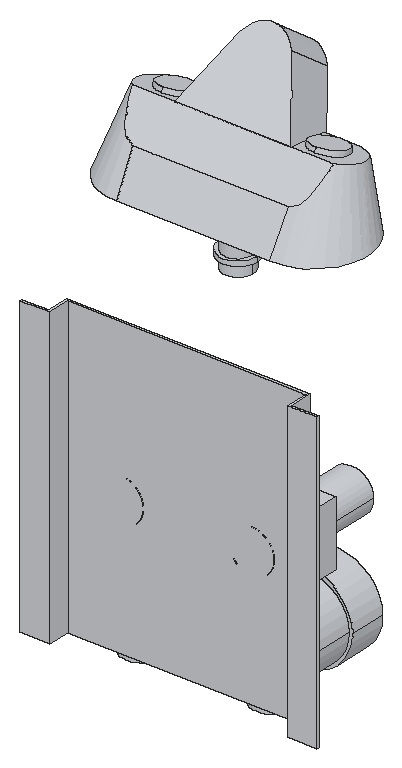
Revit family "WH3378-HC-PPZ", category Plumbing Fixtures, host Face, Revit 2016
Family settings
  Host = Face
  Part Type = Normal
  Round Connector Dimension = Use Diameter
  OmniClass Number = 23.45.55.17
  OmniClass Title = Mixing Faucets
  Cut with Voids When Loaded = No
  Shared = Yes
  Room Calculation Point = No
Parameters (values of type "WH3378-HC-PPZ")
  Waste Connection = no
  WH3378-HC-PPZ - Ligature Resistant Dual Temperature, Piezo Button Faucet with 4" Centerset = yes
  Voltage = 0
  Vent Connection = no
  URL = "http://www.whitehallmfg.com"
  Type Comments = ""
  Tempered Water Connection = no
  Revised Date = "10/01/19"
  Phone # = "(800) 782-7706"
  Model = "WH3378-HC-PPZ"
  Material = Type 304 Stainless Steel
  Manufacturer = "Whitehall"
  HW Connection = yes
  Designed By = "ACORN DESIGN BIM TEAM"
  Description = "Ligature Resistant Dual Temperature, Piezo Button Faucet with 4\" Centerset"
  Default Elevation = 0"
  CW Connection = yes
  Assembly Code = ""
  Amperage = 0
Reference planes (in)
  plane 1 "Center (Front/Back)": y = 0
  plane 2: z = 0
  plane 3 "Center (Left/Right)": x = 0
  plane 4: z = 12.5
  plane 5: x = -4.5
  plane 6: x = 4.5
  plane 7: y = 2
  plane 8: y = -2
  plane 9: y = 1.5
  plane 10: y = -1.5
  plane 11 "TAPERED FACE": through (0, 0.15373, 2.27361) normal (0, -0.809, 0.5878)
  plane 12 "FAUCET BASE": z = 0.87846
  plane 13 "LOFT TOP": through (0, 2.43551, 3.03274) normal (0, -0.7986, 0.6018)
  plane 14 "PB FACE": through (0, 0.28842, 1.95752) normal (0, -0.2419, -0.9703)
  plane 15 "ADJUST WALL MOUNTED": y = -2.5
Forms (in)
  Revolve 1, solid
    sketch origin (0, 0, 0) x (1, 0, 0) y (0, 0, 1)
      loop
        line (0, 0) -> (0, -1.58016) -> (0.42297, -1.58016) -> (0.42297, -1.2444) -> (0.53745, -1.2444) -> (0.53745, -1.1144) -> (0.42297, -1.1144) -> (0.42297, 0) -> (0, 0)
      axis (0, -1.58016) -> (0, 0)
    angle from 0 to 360
  Blend 2, solid
    base sketch origin (-0.04872, -4.62321, 0.87846) x (-1, 0, 0) y (0, -1, 0)
      loop
        arc (2.0998, -6.08108) -> (3.5998, -4.58108) -> (2.0998, -3.08108) r 1.5
        line (2.0998, -3.08108) -> (-2.17568, -3.08108)
        arc (-2.17568, -3.08108) -> (-3.67568, -4.58108) -> (-2.17568, -6.08108) r 1.5
        line (-2.17568, -6.08108) -> (2.0998, -6.08108)
    top sketch origin (-0.04872, -4.62321, 0.87846) x (-1, 0, 0) y (0, -1, 0)
      loop
        arc (2.15834, -5.85391) -> (2.97973, -5.03252) -> (2.15834, -4.21113) r 0.82139
        line (2.15834, -4.21113) -> (-2.27004, -4.21113)
        arc (-2.27004, -4.21113) -> (-3.09142, -5.03252) -> (-2.27004, -5.85391) r 0.82139
        line (-2.27004, -5.85391) -> (2.15834, -5.85391)
    from -0.87846 to 1.21634
  Extrusion 3, void
    sketch origin (0, 0, 0) x (0, 1, 0) y (0, 0, 1)
      loop
        line (1.38017, 1.68532) -> (1.38017, 2.3172) -> (-0.99337, 2.3172) -> (-0.99337, 1.04515) -> (-0.18778, 2.07626) -> (1.38017, 1.68532)
    from -3.36093 to 3.17824
  Extrusion 4, solid
    sketch origin (0, 0.09578, -0.07218) x (0, 0.601815, 0.798636) y (-1, 0, 0)
      loop
        line (1.5435, 1.60814) -> (1.5435, -1.61235) -> (3.48942, -0.6987)
        arc (3.48942, -0.6987) -> (3.93389, 0.00102) -> (3.48942, 0.70074) r 0.77301
        line (3.48942, 0.70074) -> (1.5435, 1.60814)
    from 0 to 1.51282
  Extrusion 5, solid
    sketch origin (0, 0.47638, 1.91066) x (0, -0.970296, 0.241922) y (-1, 0, 0)
      loop
        circle (-0.01914, 2.12538) r 0.5
      loop
        circle (-0.01553, -2.12239) r 0.5
    from -0.13138 to 0
Cuts and joins
  Extrusion 3 cuts Blend 2
Dimensions and locks (in)
  plane 2 to plane 4 = 12 1/2"
  equal spacing: plane 5, plane 3 "Center (Left/Right)", plane 6
  equal spacing: plane 7, plane 1 "Center (Front/Back)", plane 8
  equal spacing: plane 9, plane 1 "Center (Front/Back)", plane 10
  plane 3 "Center (Left/Right)" to host face = 4 1/2"
  plane 15 "ADJUST WALL MOUNTED" to plane 1 "Center (Front/Back)" = 2 1/2"
  aligned and locked: plane 2 to host face
  aligned and locked: level to host face
  aligned and locked: plane 7 to host face
  aligned and locked: plane 6 to host face
Automatic sketch dimensions
  host sketch curve to host sketch curve = 9"
  host sketch curve to host sketch curve = 4"
  plane 9 to Blend 2 sketch curve = 0.04213"
  plane 3 "Center (Left/Right)" to Blend 2 sketch curve = 2.12696"
  plane 10 to Blend 2 sketch curve = 0.04213"
  Blend 2 sketch curve to plane 3 "Center (Left/Right)" = 2.14852"
  plane 9 to Blend 2 sketch curve = 0.26931"
  plane 3 "Center (Left/Right)" to Blend 2 sketch curve = 2.22131"
  plane 1 "Center (Front/Back)" to Blend 2 sketch curve = 0.41208"
  Blend 2 sketch curve to plane 3 "Center (Left/Right)" = 2.20707"
  plane 14 "PB FACE" to Extrusion 3 sketch curve = 0"  (x2)
  plane 12 "FAUCET BASE" to Extrusion 3 sketch curve = 0.16669"
  Extrusion 3 sketch curve to plane 10 = 0.50663"
  plane 9 to Extrusion 3 sketch curve = 0.11983"
  plane 1 "Center (Front/Back)" to Extrusion 3 sketch curve = 0.18778"
  Extrusion 3 sketch curve to Extrusion 3 sketch curve = 0.63188"
  plane 3 "Center (Left/Right)" to Extrusion 4 sketch curve = 1.61235"
  Extrusion 4 sketch curve to plane 3 "Center (Left/Right)" = 0.00102"
  Extrusion 4 sketch curve to Extrusion 4 sketch curve = 1.61738"
  Extrusion 4 sketch curve to Extrusion 4 sketch curve = 0.32854"  (x2)
  plane 3 "Center (Left/Right)" to Extrusion 4 sketch curve = 0.6987"
  Extrusion 4 sketch curve to plane 3 "Center (Left/Right)" = 1.60814"
  Extrusion 5 sketch curve to plane 3 "Center (Left/Right)" = 2.12538"
  plane 3 "Center (Left/Right)" to Extrusion 5 sketch curve = 2.12239"
  Extrusion 5 sketch curve to Extrusion 5 sketch curve = 0.00361"
  Revolve 1 sketch curve to level = 0"  (x2)
  Revolve 1 sketch curve to plane 3 "Center (Left/Right)" = 0"  (x2)
  plane 3 "Center (Left/Right)" to Revolve 1 sketch curve = 0.42297"  (x2)
  Revolve 1 sketch curve to Revolve 1 sketch curve = 0.11448"
  Revolve 1 sketch curve to level = 1.1144"
  Revolve 1 sketch curve to Revolve 1 sketch curve = 0.13"
  Revolve 1 sketch curve to Revolve 1 sketch curve = 0.33577"
  Revolve 1 sketch curve to Revolve 1 sketch curve = 0.23648"
  radius of Extrusion 5 sketch curve = 1/2"  (x2)
Nested families (in)
  nested 1: "AIRTROL VALVE 2590-150-001" at (0.07338, -2.5, -6.82754) x (1, 0, 0) z (0, 1, 0), type "WH3378-HC-PPZ"
Connectors (in)
  piping at (-1.73804, -1.16652, -11.20791), diameter 0.75
    settings: on nested 1, index 1, connector inside diameter 24", connector length 0", flow factor 0, pipe flow 0 GPM, pressure drop 0.00 psi, fitting loss kfactor 0, connector angle 0.00°, fixture units 0, engagement length 0", angle of deflection 0.00°, flow configuration 0, flow direction 1, fitting loss method 0, system type 7, joint type 0, gender type 0, connector reference index -1, connector utility 0, adjustable connector no, is connector primary yes, connector description "1/2\" NPS Male Cold Hose Connection"
  piping at (1.8848, -1.16652, -11.20791), diameter 0.75
    settings: on nested 1, index 2, connector inside diameter 24", connector length 0", flow factor 0, pipe flow 0 GPM, pressure drop 0.00 psi, fitting loss kfactor 0, connector angle 0.00°, fixture units 0, engagement length 0", angle of deflection 0.00°, flow configuration 0, flow direction 1, fitting loss method 0, system type 7, joint type 0, gender type 0, connector reference index -1, connector utility 0, adjustable connector no, is connector primary no, connector description "1/2\" NPS Male Hot Hose Connection"
Definition of nested family "AIRTROL VALVE 2590-150-001"
  Parameters (values of type "WH3378-HC-PPZ")
    Waste Connection = yes
    WH3378-HC-PPZ - Ligature Resistant Dual Temperature, Piezo Button Faucet with 4" Centerset = yes
    Voltage = 0
    Vent Connection = no
    URL = "http://www.whitehallmfg.com"
    Type Comments = ""
    Tempered Water Connection = yes
    Revised Date = "10/01/19"
    Phone # = "(800) 782-7706"
    Model = "WH3378-HC-PPZ"
    Material = none
    Manufacturer = "Whitehall"
    HW Connection = no
    Designed By = "ACORN DESIGN BIM TEAM"
    Description = "Ligature Resistant Dual Temperature, Piezo Button Faucet with 4\" Centerset"
    Default Elevation = 0"
    CW Connection = no
    Assembly Code = ""
    Amperage = 0
  Reference planes (in)
    plane 1 "Center (Front/Back)": y = 0
    plane 2: z = 0
    plane 3 "Center (Left/Right)": x = 0
    plane 4: z = 12.5
    plane 5: x = -4.5
    plane 6: x = 4.5
    plane 7: y = 2
    plane 8: y = -2
    plane 9: y = 1.5
    plane 10: y = -1.5
    plane 11 "TAPERED FACE": through (0, 0.15373, 2.27361) normal (0, -0.809, 0.5878)
    plane 12 "FAUCET BASE": z = 0.87846
    plane 13 "LOFT TOP": through (0, 2.43551, 3.03274) normal (0, -0.7986, 0.6018)
    plane 14 "PB FACE": through (0, 0.28842, 1.95752) normal (0, -0.2419, -0.9703)
  Forms (in)
    Extrusion 1, solid
      sketch origin (0, 0, 0) x (1, 0, 0) y (0, 1, 0)
        loop
          line (-4.5, 2) -> (-4.5, -2) -> (4.5, -2) -> (4.5, 2) -> (-4.5, 2)
      from 0 to -1.11995
    Revolve 2, solid
      sketch origin (0, -0.32715, 0) x (1, 0, 0) y (0, 0, 1)
        loop
          line (0, 3.23379) -> (0, 1.0193) -> (0.42297, 1.0193) -> (0.42297, 1.74854) -> (0.53745, 1.74854) -> (0.53745, 2.69736) -> (0.42297, 2.69736) -> (0.42297, 3.23379) -> (0, 3.23379)
        axis (0, 1.0193) -> (0, 3.23379)
      angle from 0 to 360
    Extrusion 3, solid
      sketch origin (0, 0, 0) x (1, 0, 0) y (0, 0, 1)
        loop
          line (-4.12793, 0) -> (-3.3038, 0) -> (-3.3038, 0.6141) -> (3.30653, 0.6141) -> (3.30653, 0) -> (4.12793, 0) -> (4.12793, 0.05328) -> (3.37793, 0.05328) -> (3.37793, 0.68203) -> (-3.3773, 0.68203) -> (-3.3773, 0.05406) -> (-4.12793, 0.05406) -> (-4.12793, 0)
      from -4.10254 to 4.14746
    Extrusion 4, solid
      sketch origin (0.00981, -0.03924, 0.87846) x (-1, 0, 0) y (0, -1, 0)
        loop
          circle (1.81733, 2.7724) r 1.14931
      from 0 to 1.67775
    Extrusion 5, solid
      sketch origin (0, 0, 0.87846) x (-1, 0, 0) y (0, -1, 0)
        loop
          circle (1.80991, 2.80538) r 1.25
      from 1.67775 to 2.71469
    Extrusion 6, solid
      sketch origin (-3.6336, 0, -0.0019) x (0, 1, 0) y (0, 0, 1)
        loop
          line (0.58066, 2.37238) -> (-1.22569, 2.37238) -> (-1.22569, 1.58853) -> (0.58066, 1.58853) -> (0.58066, 2.37238)
      from 0.89637 to 2.73713
    Extrusion 7, solid
      sketch origin (0, 0, 0.87846) x (-1, 0, 0) y (0, -1, 0)
        loop
          circle (1.81627, 0.32182) r 0.61524
      from -0.25975 to 3.18302
    Extrusion 8, solid
      sketch origin (0, 0, 0) x (1, 0, 0) y (0, 0, 1)
        loop
          circle (-1.81142, 1.33348) r 0.54675
      from -0.87975 to 4.38037
    Extrusion 9, solid
      sketch origin (0, 0.06414, 0) x (0, 1, 0) y (0, 0, 1)
        loop
          circle (-0.38326, 1.47453) r 0.5
      from -2.67394 to -0.6295
    Extrusion 10, solid
      sketch origin (0, 0, 0.87846) x (-1, 0, 0) y (0, -1, 0)
        loop
          line (1.20777, 1.70996) -> (2.25229, 1.70996) -> (2.25229, 3.18054) -> (3.00229, 3.18054) -> (3.00229, 3.95515) -> (1.31949, 3.95515) -> (1.31949, 2.45996) -> (0.56949, 2.45996) -> (0.56949, 1.70996) -> (1.20777, 1.70996)
      from -0.19725 to 0.30275
    Extrusion 11, solid
      sketch origin (0, 0, 0) x (0, 1, 0) y (0, 0, 1)
        loop
          circle (-0.31523, 1.47302) r 0.36961
      from -1.875 to 0
    Extrusion 12, solid
      sketch origin (0, 0, 0.87846) x (1, 0, 0) y (0, 1, 0)
        loop
          circle (1.80991, -2.80538) r 1.25
      from 1.67775 to 2.71469
    Extrusion 13, solid
      sketch origin (3.6336, 0, -0.0019) x (0, 1, 0) y (0, 0, -1)
        loop
          line (0.58066, -2.37238) -> (0.58066, -1.58853) -> (-1.22569, -1.58853) -> (-1.22569, -2.37238) -> (0.58066, -2.37238)
      from 0.89637 to 2.73713
    Extrusion 14, solid
      sketch origin (0, 0, 0.87846) x (1, 0, 0) y (0, 1, 0)
        loop
          circle (1.81627, -0.32182) r 0.61524
      from -0.25975 to 3.18302
    Extrusion 15, solid
      sketch origin (0, 0, 0) x (-1, 0, 0) y (0, 0, -1)
        loop
          circle (-1.81142, -1.33348) r 0.54675
      from -0.87975 to 4.38037
    Extrusion 16, solid
      sketch origin (0, 0.06414, 0) x (0, 1, 0) y (0, 0, -1)
        loop
          circle (-0.38326, -1.47453) r 0.5
      from -2.67394 to -0.6295
    Extrusion 17, solid
      sketch origin (0, 0, 0.87846) x (1, 0, 0) y (0, 1, 0)
        loop
          line (1.20777, -1.70996) -> (0.56949, -1.70996) -> (0.56949, -2.45996) -> (1.31949, -2.45996) -> (1.31949, -3.95515) -> (3.00229, -3.95515) -> (3.00229, -3.18054) -> (2.25229, -3.18054) -> (2.25229, -1.70996) -> (1.20777, -1.70996)
      from -0.19725 to 0.30275
    Extrusion 18, solid
      sketch origin (0, 0, 0) x (0, 1, 0) y (0, 0, -1)
        loop
          circle (-0.31523, -1.47302) r 0.36961
      from -1.875 to 0
    Extrusion 19, solid
      sketch origin (-0.00981, -0.03924, 0.87846) x (1, 0, 0) y (0, 1, 0)
        loop
          circle (1.81733, -2.7724) r 1.14931
      from 0 to 1.67775
  Dimensions and locks (in)
    plane 2 to plane 4 = 12 1/2"
    equal spacing: plane 5, plane 3 "Center (Left/Right)", plane 6
    equal spacing: plane 7, plane 1 "Center (Front/Back)", plane 8
    equal spacing: plane 9, plane 1 "Center (Front/Back)", plane 10
    plane 3 "Center (Left/Right)" to Extrusion 1 = 4 1/2"
    aligned and locked: plane 2 to Extrusion 1
    aligned and locked: level to Extrusion 1
    aligned and locked: plane 7 to Extrusion 1
    aligned and locked: plane 6 to Extrusion 1
  Automatic sketch dimensions
    Extrusion 1 sketch curve to Extrusion 1 sketch curve = 9"
    Extrusion 1 sketch curve to Extrusion 1 sketch curve = 4"
    Revolve 2 sketch curve to plane 3 "Center (Left/Right)" = 0"  (x2)
    Revolve 2 sketch curve to level = 0"
    plane 3 "Center (Left/Right)" to Revolve 2 sketch curve = 0.42297"  (x2)
    Revolve 2 sketch curve to Revolve 2 sketch curve = 0.11448"
    plane 12 "FAUCET BASE" to Revolve 2 sketch curve = 0.14084"
    Revolve 2 sketch curve to Revolve 2 sketch curve = 0.72924"
    Revolve 2 sketch curve to Revolve 2 sketch curve = 0.94882"
    Revolve 2 sketch curve to Revolve 2 sketch curve = 0.53643"
    Revolve 2 sketch curve to Revolve 2 sketch curve = 0.23648"
    Extrusion 3 sketch curve to level = 0"  (x2)
    plane 5 to Extrusion 3 sketch curve = 0.37207"
    Extrusion 3 sketch curve to plane 12 "FAUCET BASE" = 0.19643"
    Extrusion 3 sketch curve to Extrusion 3 sketch curve = 0.75063"
    Extrusion 3 sketch curve to Extrusion 3 sketch curve = 0.0735"
    Extrusion 3 sketch curve to plane 6 = 1.19347"
    Extrusion 3 sketch curve to Extrusion 3 sketch curve = 0.0714"
    Extrusion 3 sketch curve to plane 6 = 0.37207"
    Extrusion 3 sketch curve to Extrusion 3 sketch curve = 0.05328"
    level to Extrusion 3 sketch curve = 0.05406"
    Extrusion 3 sketch curve to Extrusion 3 sketch curve = 0.06792"
    plane 8 to Extrusion 4 sketch curve = 0.81164"
    Extrusion 4 sketch curve to plane 3 "Center (Left/Right)" = 1.80752"
    plane 8 to Extrusion 5 sketch curve = 0.80538"
    Extrusion 5 sketch curve to plane 3 "Center (Left/Right)" = 1.80991"
    Extrusion 6 sketch curve to plane 10 = 0.27431"
    Extrusion 6 sketch curve to plane 1 "Center (Front/Back)" = 0.58066"
    plane 12 "FAUCET BASE" to Extrusion 6 sketch curve = 0.70817"
    Extrusion 6 sketch curve to Extrusion 6 sketch curve = 0.78385"
    plane 1 "Center (Front/Back)" to Extrusion 7 sketch curve = 0.32182"
    Extrusion 7 sketch curve to plane 3 "Center (Left/Right)" = 1.81627"
    plane 12 "FAUCET BASE" to Extrusion 8 sketch curve = 0.45502"
    Extrusion 8 sketch curve to plane 3 "Center (Left/Right)" = 1.81142"
    plane 1 "Center (Front/Back)" to Extrusion 9 sketch curve = 0.31912"
    plane 12 "FAUCET BASE" to Extrusion 9 sketch curve = 0.59607"
    plane 10 to Extrusion 10 sketch curve = 0.20996"
    Extrusion 10 sketch curve to plane 3 "Center (Left/Right)" = 0.56949"
    Extrusion 10 sketch curve to Extrusion 10 sketch curve = 0.63828"
    Extrusion 10 sketch curve to plane 3 "Center (Left/Right)" = 1.31949"
    Extrusion 10 sketch curve to Extrusion 10 sketch curve = 1.04451"
    Extrusion 10 sketch curve to Extrusion 10 sketch curve = 3/4"
    plane 8 to Extrusion 10 sketch curve = 0.45996"
    Extrusion 10 sketch curve to Extrusion 10 sketch curve = 0.72057"
    Extrusion 10 sketch curve to Extrusion 10 sketch curve = 0.77461"
    plane 1 "Center (Front/Back)" to Extrusion 11 sketch curve = 0.31523"
    plane 12 "FAUCET BASE" to Extrusion 11 sketch curve = 0.59456"
    Extrusion 12 sketch curve to plane 8 = 0.80538"
    Extrusion 12 sketch curve to plane 3 "Center (Left/Right)" = 1.80991"
    Extrusion 13 sketch curve to plane 10 = 0.27431"
    Extrusion 13 sketch curve to plane 1 "Center (Front/Back)" = 0.58066"
    plane 12 "FAUCET BASE" to Extrusion 13 sketch curve = 1.49202"
    plane 12 "FAUCET BASE" to Extrusion 13 sketch curve = 0.70817"
    Extrusion 14 sketch curve to plane 1 "Center (Front/Back)" = 0.32182"
    Extrusion 14 sketch curve to plane 3 "Center (Left/Right)" = 1.81627"
    Extrusion 15 sketch curve to plane 12 "FAUCET BASE" = 0.45502"
    Extrusion 15 sketch curve to plane 3 "Center (Left/Right)" = 1.81142"
    plane 1 "Center (Front/Back)" to Extrusion 16 sketch curve = 0.31912"
    plane 12 "FAUCET BASE" to Extrusion 16 sketch curve = 0.59607"
    Extrusion 17 sketch curve to plane 10 = 0.20996"
    Extrusion 17 sketch curve to plane 3 "Center (Left/Right)" = 0.56949"
    Extrusion 17 sketch curve to Extrusion 17 sketch curve = 0.63828"
    Extrusion 17 sketch curve to plane 3 "Center (Left/Right)" = 1.31949"
    Extrusion 17 sketch curve to Extrusion 17 sketch curve = 1.04451"
    Extrusion 17 sketch curve to Extrusion 17 sketch curve = 3/4"
    Extrusion 17 sketch curve to plane 8 = 0.45996"
    Extrusion 17 sketch curve to Extrusion 17 sketch curve = 0.72057"
    Extrusion 17 sketch curve to Extrusion 17 sketch curve = 0.77461"
    plane 1 "Center (Front/Back)" to Extrusion 18 sketch curve = 0.31523"
    plane 12 "FAUCET BASE" to Extrusion 18 sketch curve = 0.59456"
    Extrusion 19 sketch curve to plane 8 = 0.81164"
    Extrusion 19 sketch curve to plane 3 "Center (Left/Right)" = 1.80752"
    radius of Extrusion 4 sketch curve = 1.14931"
    radius of Extrusion 5 sketch curve = 1 1/4"
    radius of Extrusion 7 sketch curve = 0.61524"
    radius of Extrusion 8 sketch curve = 0.54675"
    radius of Extrusion 9 sketch curve = 1/2"
    radius of Extrusion 11 sketch curve = 0.36961"
    radius of Extrusion 12 sketch curve = 1 1/4"
    radius of Extrusion 14 sketch curve = 0.61524"
    radius of Extrusion 15 sketch curve = 0.54675"
    radius of Extrusion 16 sketch curve = 1/2"
    radius of Extrusion 18 sketch curve = 0.36961"
    radius of Extrusion 19 sketch curve = 1.14931"
